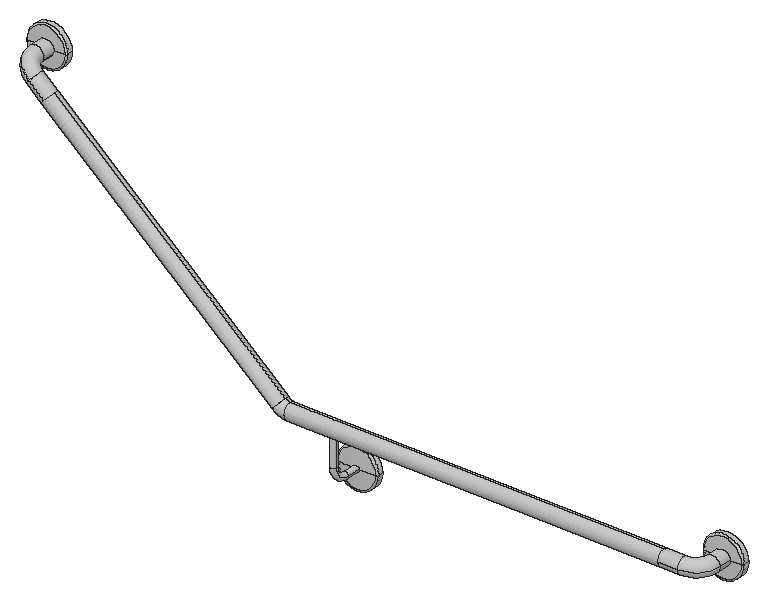
Revit family "rba-bim-rba4040-810", category Plumbing Fixtures, Revit 2016
Family settings
  Part Type = Normal
  Round Connector Dimension = Use Diameter
  Work Plane-Based = No
  Always vertical = Yes
  Cut with Voids When Loaded = No
  Shared = No
  Room Calculation Point = No
Parameters (values of type "RBA4040-810")
  Watermarked By = "www.rba.com.au"
  URL = "http://www.rba.com.au/accessible-disabled/grab-rails"
  Phone Number = "1300 788 778"
  OFFSET = 800.00 mm
  Modified Issue = "20190802.01"
  Model = "RBA4040-810"
  Materials and Finishes = Stainless Steel Satin Finish
  Manufacturer Model = "B819487"
  Manufacturer = "Bobrick"
  Description = "40° Angled Grab Rail"
  Copyrighted by = "RBA Group"  # constant formula
  Assembly Code = ""
Reference planes
  plane 1 "Center (Front/Back)": y = 0
  plane 2: z = 0
  plane 3: x = 40.5
  plane 4: z = 800
  plane 5: z = 784
  plane 6: x = 1426.728
  plane 7: through (97.392, -4572, 1186.213) normal (0.6428, 0, 0.766)
  plane 8: x = 576.731
  plane 9: through (471.74, -4572, 658.876) normal (-0.766, 0, 0.6428)
  plane 10: through (13.824, -4572, 1202.16) normal (-0.766, 0, 0.6428)
  plane 11: y = -89
  plane 12: y = -57
  plane 13: z = 684
  plane 14: z = 1233.951
  plane 15: through (-2.724, 25.441, 601.01) normal (0.515, 0, 0.8572)
  plane 16: through (112.72, 25.441, 450.323) normal (-0.8572, 0, 0.515)
  plane 17: through (65.575, 25.441, 478.65) normal (-0.8572, 0, 0.515)
  plane 18: through (633.507, 25.441, 51.059) normal (0.515, 0, 0.8572)
  plane 19: through (748.951, 25.441, -99.629) normal (-0.8572, 0, 0.515)
  plane 20: through (701.806, 25.441, -71.301) normal (-0.8572, 0, 0.515)
  plane 21: through (1383.507, 25.441, 151.059) normal (0.515, 0, 0.8572)
  plane 22: through (1498.951, 25.441, 0.371) normal (-0.8572, 0, 0.515)
  plane 23: through (1451.806, 25.441, 28.699) normal (-0.8572, 0, 0.515)
  plane 24: y = -67
Forms (mm)
  Sweep 1, solid, material "Stainless Steel Satin Finish" <- "Materials and Finishes"
    path origin (81, -73, 397.941) x (-1, 0, 0) y (0, 0, -1)
      loop
        line (-1273.19, -386.059) -> (-507.378, -386.059)
        arc (-507.378, -386.059) -> (-496.434, -387.989) -> (-486.809, -393.546) r 32
        line (-486.809, -393.546) -> (-15.07, -789.382)
    profile origin (971.284, -73, 784) x (0, 0, -1) y (0, -1, 0)
      loop
        circle (0, 0) r 16
  Extrusion 2, solid, material "Stainless Steel Satin Finish" <- "Materials and Finishes"
    sketch origin (-22, -2.628, 918.044) x (0, 0, 1) y (1, 0, 0)
      loop
        circle (315.907, 62.5) r 40
    from -0.206 to 2.628
  Revolve 3, solid, material "Stainless Steel Satin Finish" <- "Materials and Finishes"
    sketch origin (-22, 18.663, 1233.951) x (-1, 0, 0) y (0, -1, 0)
      loop
        line (-62.5, 18.663) -> (-62.5, 33.781)
        arc (-62.5, 33.781) -> (-81.892, 33.334) -> (-101.243, 31.992) r 420.249
        arc (-101.243, 31.992) -> (-103.207, 31.014) -> (-104, 28.968) r 3.037
        line (-104, 28.968) -> (-104, 18.663) -> (-62.5, 18.663)
      axis (-62.5, 18.663) -> (-62.5, 33.781)
    angle from 0 to 360
  Extrusion 4, void
    sketch origin (-22.204, 34.941, 963.166) x (0.515038, 0, 0.857167) y (0.857167, 0, -0.515038)
      loop
        circle (290.148, -101.118) r 4.73
      loop
        circle (238.718, -70.216) r 4.73
      loop
        spline (289.65, -116.743) -> (288.097, -114.602) -> (286.273, -112.844) -> (284.294, -111.582) -> (282.285, -110.895) -> (280.373, -110.828) -> (278.681, -111.384) -> (277.316, -112.528) -> (276.363, -114.187) -> (275.884, -116.257) -> (275.909, -118.606) -> (276.436, -121.084) -> (277.432, -123.535)
        arc (277.432, -123.535) -> (283.84, -120.677) -> (289.65, -116.743) r 40
      loop
        spline (278.7, -48.359) -> (277.639, -50.765) -> (277.043, -53.209) -> (276.948, -55.539) -> (277.36, -57.607) -> (278.255, -59.285) -> (279.575, -60.466) -> (281.238, -61.077) -> (283.139, -61.08) -> (285.16, -60.473) -> (287.172, -59.296) -> (289.05, -57.621) -> (290.676, -55.555)
        arc (290.676, -55.555) -> (285.005, -51.43) -> (278.7, -48.359) r 40
      loop
        spline (224.895, -91.968) -> (227.527, -91.697) -> (229.962, -90.998) -> (232.048, -89.918) -> (233.65, -88.523) -> (234.668, -86.903) -> (235.037, -85.16) -> (234.734, -83.405) -> (233.777, -81.749) -> (232.228, -80.298) -> (230.184, -79.143) -> (227.776, -78.357) -> (225.156, -77.992)
        arc (225.156, -77.992) -> (224.41, -84.968) -> (224.895, -91.968) r 40
    from -37.775 to -34.941
  Extrusion 5, void
    sketch origin (40.5, 0, 1233.951) x (-1, 0, 0) y (0, -1, 0)
      loop
        line (-26.51, 2.834) -> (-36.201, 5.061) -> (-38.428, 2.834) -> (-26.51, 2.834)
    from -1.5 to 1.5
  Extrusion 6, void
    sketch origin (40.5, 0, 1233.951) x (0.498523, 0, -0.866876) y (0, -1, 0)
      loop
        line (-26.51, 2.834) -> (-36.201, 5.061) -> (-38.428, 2.834) -> (-26.51, 2.834)
    from -1.5 to 1.5
  Extrusion 7, void
    sketch origin (40.5, 0, 1233.951) x (0.499289, 0, 0.866436) y (0, -1, 0)
      loop
        line (-26.51, 2.834) -> (-36.201, 5.061) -> (-38.428, 2.834) -> (-26.51, 2.834)
    from -1.5 to 1.5
  Extrusion 8, solid, material "Stainless Steel Satin Finish" <- "Materials and Finishes"
    sketch origin (614.231, -2.628, 368.093) x (0, 0, 1) y (1, 0, 0)
      loop
        circle (315.907, 62.5) r 40
    from -0.206 to 2.628
  Revolve 9, solid, material "Stainless Steel Satin Finish" <- "Materials and Finishes"
    sketch origin (614.231, 18.663, 684) x (-1, 0, 0) y (0, -1, 0)
      loop
        line (-62.5, 18.663) -> (-62.5, 33.781)
        arc (-62.5, 33.781) -> (-81.892, 33.334) -> (-101.243, 31.992) r 420.249
        arc (-101.243, 31.992) -> (-103.207, 31.014) -> (-104, 28.968) r 3.037
        line (-104, 28.968) -> (-104, 18.663) -> (-62.5, 18.663)
      axis (-62.5, 18.663) -> (-62.5, 33.781)
    angle from 0 to 360
  Extrusion 10, void
    sketch origin (614.027, 34.941, 413.215) x (0.515038, 0, 0.857167) y (0.857167, 0, -0.515038)
      loop
        circle (290.148, -101.118) r 4.73
      loop
        circle (238.718, -70.216) r 4.73
      loop
        spline (289.65, -116.743) -> (288.097, -114.602) -> (286.273, -112.844) -> (284.294, -111.582) -> (282.285, -110.895) -> (280.373, -110.828) -> (278.681, -111.384) -> (277.316, -112.528) -> (276.363, -114.187) -> (275.884, -116.257) -> (275.909, -118.606) -> (276.436, -121.084) -> (277.432, -123.535)
        arc (277.432, -123.535) -> (283.84, -120.677) -> (289.65, -116.743) r 40
      loop
        spline (278.7, -48.359) -> (277.639, -50.765) -> (277.043, -53.209) -> (276.948, -55.539) -> (277.36, -57.607) -> (278.255, -59.285) -> (279.575, -60.466) -> (281.238, -61.077) -> (283.139, -61.08) -> (285.16, -60.473) -> (287.172, -59.296) -> (289.05, -57.621) -> (290.676, -55.555)
        arc (290.676, -55.555) -> (285.005, -51.43) -> (278.7, -48.359) r 40
      loop
        spline (224.895, -91.968) -> (227.527, -91.697) -> (229.962, -90.998) -> (232.048, -89.918) -> (233.65, -88.523) -> (234.668, -86.903) -> (235.037, -85.16) -> (234.734, -83.405) -> (233.777, -81.749) -> (232.228, -80.298) -> (230.184, -79.143) -> (227.776, -78.357) -> (225.156, -77.992)
        arc (225.156, -77.992) -> (224.41, -84.968) -> (224.895, -91.968) r 40
    from -37.775 to -34.941
  Extrusion 11, void
    sketch origin (676.731, 0, 684) x (-1, 0, 0) y (0, -1, 0)
      loop
        line (-26.51, 2.834) -> (-36.201, 5.061) -> (-38.428, 2.834) -> (-26.51, 2.834)
    from -1.5 to 1.5
  Extrusion 12, void
    sketch origin (676.731, 0, 684) x (0.498523, 0, -0.866876) y (0, -1, 0)
      loop
        line (-26.51, 2.834) -> (-36.201, 5.061) -> (-38.428, 2.834) -> (-26.51, 2.834)
    from -1.5 to 1.5
  Extrusion 13, solid, material "Stainless Steel Satin Finish" <- "Materials and Finishes"
    sketch origin (1364.231, -2.628, 468.093) x (0, 0, 1) y (1, 0, 0)
      loop
        circle (315.907, 62.5) r 40
    from -0.206 to 2.628
  Revolve 14, solid, material "Stainless Steel Satin Finish" <- "Materials and Finishes"
    sketch origin (1364.231, 18.663, 784) x (-1, 0, 0) y (0, -1, 0)
      loop
        line (-62.5, 18.663) -> (-62.5, 33.781)
        arc (-62.5, 33.781) -> (-81.892, 33.334) -> (-101.243, 31.992) r 420.249
        arc (-101.243, 31.992) -> (-103.207, 31.014) -> (-104, 28.968) r 3.037
        line (-104, 28.968) -> (-104, 18.663) -> (-62.5, 18.663)
      axis (-62.5, 18.663) -> (-62.5, 33.781)
    angle from 0 to 360
  Extrusion 15, void
    sketch origin (1364.027, 34.941, 513.215) x (0.515038, 0, 0.857167) y (0.857167, 0, -0.515038)
      loop
        circle (290.148, -101.118) r 4.73
      loop
        circle (238.718, -70.216) r 4.73
      loop
        spline (289.65, -116.743) -> (288.097, -114.602) -> (286.273, -112.844) -> (284.294, -111.582) -> (282.285, -110.895) -> (280.373, -110.828) -> (278.681, -111.384) -> (277.316, -112.528) -> (276.363, -114.187) -> (275.884, -116.257) -> (275.909, -118.606) -> (276.436, -121.084) -> (277.432, -123.535)
        arc (277.432, -123.535) -> (283.84, -120.677) -> (289.65, -116.743) r 40
      loop
        spline (278.7, -48.359) -> (277.639, -50.765) -> (277.043, -53.209) -> (276.948, -55.539) -> (277.36, -57.607) -> (278.255, -59.285) -> (279.575, -60.466) -> (281.238, -61.077) -> (283.139, -61.08) -> (285.16, -60.473) -> (287.172, -59.296) -> (289.05, -57.621) -> (290.676, -55.555)
        arc (290.676, -55.555) -> (285.005, -51.43) -> (278.7, -48.359) r 40
      loop
        spline (224.895, -91.968) -> (227.527, -91.697) -> (229.962, -90.998) -> (232.048, -89.918) -> (233.65, -88.523) -> (234.668, -86.903) -> (235.037, -85.16) -> (234.734, -83.405) -> (233.777, -81.749) -> (232.228, -80.298) -> (230.184, -79.143) -> (227.776, -78.357) -> (225.156, -77.992)
        arc (225.156, -77.992) -> (224.41, -84.968) -> (224.895, -91.968) r 40
    from -37.775 to -34.941
  Extrusion 16, void
    sketch origin (1426.731, 0, 784) x (-1, 0, 0) y (0, -1, 0)
      loop
        line (-26.51, 2.834) -> (-36.201, 5.061) -> (-38.428, 2.834) -> (-26.51, 2.834)
    from -1.5 to 1.5
  Extrusion 17, void
    sketch origin (1426.731, 0, 784) x (0.498523, 0, -0.866876) y (0, -1, 0)
      loop
        line (-26.51, 2.834) -> (-36.201, 5.061) -> (-38.428, 2.834) -> (-26.51, 2.834)
    from -1.5 to 1.5
  Extrusion 18, void
    sketch origin (1426.731, 0, 784) x (0.499289, 0, 0.866436) y (0, -1, 0)
      loop
        line (-26.51, 2.834) -> (-36.201, 5.061) -> (-38.428, 2.834) -> (-26.51, 2.834)
    from -1.5 to 1.5
  Extrusion 19, void
    sketch origin (676.731, 0, 684) x (0.499289, 0, 0.866436) y (0, -1, 0)
      loop
        line (-26.51, 2.834) -> (-36.201, 5.061) -> (-38.428, 2.834) -> (-26.51, 2.834)
    from -1.5 to 1.5
  Sweep 20, solid, material "Stainless Steel Satin Finish" <- "Materials and Finishes"
    path origin (971.284, -73, 784) x (0, 0, -1) y (0, -1, 0)
      loop
        line (10, 0) -> (70, 0)
        arc (70, 0) -> (91.213, -8.787) -> (100, -30) r 30
        line (100, -30) -> (100, -60.166)
    profile origin (971.284, -73, 744) x (-1, 0, 0) y (0, -1, 0)
      loop
        circle (294.553, 0) r 6
  Sweep 21, solid, material "Stainless Steel Satin Finish" <- "Materials and Finishes"
    path origin (71.525, 0, 1207.918) x (-0.766044, 0, 0.642788) y (0, -1, 0)
      loop
        line (40.5, 10) -> (40.5, 41)
        arc (40.5, 41) -> (31.127, 63.627) -> (8.5, 73) r 32
        line (8.5, 73) -> (-32.041, 73)
    profile origin (40.5, -25.5, 1233.951) x (0.766044, 0, -0.642788) y (0.642788, 0, 0.766044)
      loop
        circle (0, 0) r 16
  Sweep 22, solid, material "Stainless Steel Satin Finish" <- "Materials and Finishes"
    path origin (1386.231, 0, 784) x (1, 0, 0) y (0, 1, 0)
      loop
        line (40.5, -10) -> (40.5, -41)
        arc (40.5, -41) -> (31.127, -63.627) -> (8.5, -73) r 32
        line (8.5, -73) -> (-32.041, -73)
    profile origin (1426.731, -25.5, 784) x (1, 0, 0) y (0, 0, 1)
      loop
        circle (0, 0) r 16
Cuts and joins
  Extrusion 4 cuts Extrusion 2
  Extrusion 10 cuts Extrusion 8
  Extrusion 15 cuts Extrusion 13
  Extrusion 4, Extrusion 5, Extrusion 6, Extrusion 7 cuts Revolve 3
  Extrusion 10, Extrusion 11, Extrusion 12, Extrusion 19 cuts Revolve 9
  Extrusion 15, Extrusion 16, Extrusion 17, Extrusion 18 cuts Revolve 14
  joined: Sweep 1, Revolve 3, Revolve 9, Revolve 14, Sweep 20, Sweep 21, Sweep 22
Dimensions and locks
  "OFFSET": plane 4 to plane 2
  plane 16 to plane 17 = 55.00 mm
  plane 19 to plane 20 = 55.00 mm
  plane 22 to plane 23 = 55.00 mm
  aligned and locked: Revolve 3 to Extrusion 2
  aligned and locked: Extrusion 2 to Extrusion 4
  aligned and locked: Revolve 9 to Extrusion 8
  aligned and locked: Extrusion 8 to Extrusion 10
  aligned and locked: Revolve 14 to Extrusion 13
  aligned and locked: Extrusion 13 to Extrusion 15
Automatic sketch dimensions
  Sweep 1 sketch curve to plane 8 = 11.647 mm
  Sweep 1 sketch curve to Sweep 1 sketch curve = 20.569 mm
  level to Sweep 1 sketch curve = 816.00 mm
  Sweep 1 sketch curve to Sweep 1 sketch curve = 24.513 mm
  plane 6 to Sweep 1 sketch curve = 72.538 mm
  plane 3 to Sweep 1 sketch curve = 55.57 mm
  plane 13 to Sweep 1 sketch curve = 503.323 mm
  Sweep 1 sketch curve to profile plane = 0.00 mm  (x2)
  plane 13 to Extrusion 2 sketch curve = 549.951 mm
  plane 3 to Extrusion 2 sketch curve = 0.00 mm
  plane 1 "Center (Front/Back)" to Revolve 3 sketch curve = 0.00 mm
  plane 3 to Revolve 3 sketch curve = 41.50 mm
  Revolve 3 sketch curve to Revolve 3 sketch curve = 3.037 mm
  Revolve 3 sketch curve to Revolve 3 sketch curve = 38.463 mm
  Revolve 3 sketch curve to plane 1 "Center (Front/Back)" = 405.131 mm
  plane 1 "Center (Front/Back)" to Revolve 3 sketch curve = 10.305 mm
  Revolve 3 sketch curve to Revolve 3 sketch curve = 15.118 mm
  Revolve 3 sketch curve to Revolve 3 sketch curve = 0.00 mm  (x2)
  Revolve 3 sketch curve to plane 1 "Center (Front/Back)" = 21.537 mm
  Revolve 3 sketch curve to plane 12 = 13.537 mm
  Extrusion 4 sketch curve to Extrusion 4 sketch curve = 0.00 mm  (x6)
  Extrusion 4 sketch curve to plane 15 = 539.113 mm
  Extrusion 4 sketch curve to Extrusion 4 sketch curve = 25.685 mm
  Extrusion 4 sketch curve to Extrusion 4 sketch curve = 25.745 mm
  Extrusion 4 sketch curve to plane 17 = 425.904 mm
  Extrusion 4 sketch curve to Extrusion 4 sketch curve = 15.402 mm
  Extrusion 4 sketch curve to Extrusion 4 sketch curve = 15.501 mm
  Extrusion 4 sketch curve to Extrusion 4 sketch curve = 13.562 mm
  Extrusion 4 sketch curve to Extrusion 4 sketch curve = 0.262 mm
  Extrusion 4 sketch curve to Extrusion 4 sketch curve = 0.456 mm
  Extrusion 4 sketch curve to Extrusion 4 sketch curve = 10.598 mm
  Extrusion 4 sketch curve to Extrusion 4 sketch curve = 12.716 mm
  Extrusion 4 sketch curve to Extrusion 4 sketch curve = 14.297 mm
  Extrusion 4 sketch curve to Extrusion 4 sketch curve = 6.393 mm
  Extrusion 4 sketch curve to Extrusion 4 sketch curve = 6.334 mm
  Extrusion 4 sketch curve to Extrusion 4 sketch curve = 5.139 mm
  Extrusion 4 sketch curve to Extrusion 4 sketch curve = 5.824 mm
  Extrusion 4 sketch curve to Extrusion 4 sketch curve = 5.459 mm
  Extrusion 4 sketch curve to Extrusion 4 sketch curve = 5.642 mm
  Extrusion 4 sketch curve to Extrusion 4 sketch curve = 15.625 mm
  Extrusion 4 sketch curve to Extrusion 4 sketch curve = 21.752 mm
  Extrusion 4 sketch curve to Extrusion 4 sketch curve = 30.162 mm
  plane 1 "Center (Front/Back)" to Extrusion 5 sketch curve = 2.834 mm
  plane 3 to Extrusion 5 sketch curve = 38.428 mm
  plane 1 "Center (Front/Back)" to Extrusion 5 sketch curve = 5.061 mm
  Extrusion 5 sketch curve to Extrusion 5 sketch curve = 2.227 mm
  Extrusion 5 sketch curve to Extrusion 5 sketch curve = 9.691 mm
  plane 1 "Center (Front/Back)" to Extrusion 6 sketch curve = 2.834 mm
  plane 1 "Center (Front/Back)" to Extrusion 6 sketch curve = 5.061 mm
  Extrusion 6 sketch curve to Extrusion 6 sketch curve = 2.227 mm
  Extrusion 6 sketch curve to Extrusion 6 sketch curve = 9.691 mm
  plane 1 "Center (Front/Back)" to Extrusion 7 sketch curve = 2.834 mm
  plane 1 "Center (Front/Back)" to Extrusion 7 sketch curve = 5.061 mm
  Extrusion 7 sketch curve to Extrusion 7 sketch curve = 2.227 mm
  Extrusion 7 sketch curve to Extrusion 7 sketch curve = 9.691 mm
  level to Extrusion 8 sketch curve = 684.00 mm
  Extrusion 8 sketch curve to plane 8 = 100.00 mm
  plane 1 "Center (Front/Back)" to Revolve 9 sketch curve = 0.00 mm
  Revolve 9 sketch curve to plane 8 = 141.50 mm
  Revolve 9 sketch curve to Revolve 9 sketch curve = 3.037 mm
  Revolve 9 sketch curve to Revolve 9 sketch curve = 38.463 mm
  Revolve 9 sketch curve to plane 1 "Center (Front/Back)" = 405.131 mm
  plane 1 "Center (Front/Back)" to Revolve 9 sketch curve = 10.305 mm
  Revolve 9 sketch curve to Revolve 9 sketch curve = 15.118 mm
  Revolve 9 sketch curve to Revolve 9 sketch curve = 0.00 mm  (x2)
  Revolve 9 sketch curve to plane 1 "Center (Front/Back)" = 21.537 mm
  Revolve 9 sketch curve to plane 12 = 13.537 mm
  Extrusion 10 sketch curve to Extrusion 10 sketch curve = 0.00 mm  (x6)
  level to Extrusion 10 sketch curve = 684.00 mm  (x2)
  Extrusion 10 sketch curve to plane 18 = 539.113 mm
  Extrusion 10 sketch curve to Extrusion 10 sketch curve = 25.685 mm
  Extrusion 10 sketch curve to Extrusion 10 sketch curve = 25.745 mm
  Extrusion 10 sketch curve to Extrusion 10 sketch curve = 15.402 mm
  Extrusion 10 sketch curve to Extrusion 10 sketch curve = 15.501 mm
  Extrusion 10 sketch curve to Extrusion 10 sketch curve = 13.562 mm
  Extrusion 10 sketch curve to Extrusion 10 sketch curve = 0.262 mm
  Extrusion 10 sketch curve to Extrusion 10 sketch curve = 0.456 mm
  Extrusion 10 sketch curve to Extrusion 10 sketch curve = 10.598 mm
  Extrusion 10 sketch curve to Extrusion 10 sketch curve = 12.716 mm
  Extrusion 10 sketch curve to Extrusion 10 sketch curve = 14.297 mm
  Extrusion 10 sketch curve to Extrusion 10 sketch curve = 6.393 mm
  Extrusion 10 sketch curve to Extrusion 10 sketch curve = 6.334 mm
  Extrusion 10 sketch curve to Extrusion 10 sketch curve = 5.139 mm
  Extrusion 10 sketch curve to Extrusion 10 sketch curve = 5.824 mm
  Extrusion 10 sketch curve to Extrusion 10 sketch curve = 5.459 mm
  Extrusion 10 sketch curve to Extrusion 10 sketch curve = 5.642 mm
  Extrusion 10 sketch curve to Extrusion 10 sketch curve = 21.752 mm
  Extrusion 10 sketch curve to Extrusion 10 sketch curve = 15.625 mm
  plane 1 "Center (Front/Back)" to Extrusion 11 sketch curve = 2.834 mm
  Extrusion 11 sketch curve to plane 8 = 138.428 mm
  plane 1 "Center (Front/Back)" to Extrusion 11 sketch curve = 5.061 mm
  Extrusion 11 sketch curve to Extrusion 11 sketch curve = 2.227 mm
  Extrusion 11 sketch curve to Extrusion 11 sketch curve = 9.691 mm
  plane 1 "Center (Front/Back)" to Extrusion 12 sketch curve = 2.834 mm
  plane 1 "Center (Front/Back)" to Extrusion 12 sketch curve = 5.061 mm
  Extrusion 12 sketch curve to Extrusion 12 sketch curve = 2.227 mm
  Extrusion 12 sketch curve to Extrusion 12 sketch curve = 9.691 mm
  level to Extrusion 13 sketch curve = 784.00 mm
  Extrusion 13 sketch curve to plane 6 = 0.003 mm
  plane 1 "Center (Front/Back)" to Revolve 14 sketch curve = 0.00 mm
  Revolve 14 sketch curve to plane 6 = 41.503 mm
  Revolve 14 sketch curve to Revolve 14 sketch curve = 3.037 mm
  Revolve 14 sketch curve to Revolve 14 sketch curve = 38.463 mm
  Revolve 14 sketch curve to plane 1 "Center (Front/Back)" = 405.131 mm
  plane 1 "Center (Front/Back)" to Revolve 14 sketch curve = 10.305 mm
  Revolve 14 sketch curve to Revolve 14 sketch curve = 15.118 mm
  Revolve 14 sketch curve to Revolve 14 sketch curve = 0.00 mm  (x2)
  Revolve 14 sketch curve to plane 1 "Center (Front/Back)" = 21.537 mm
  Revolve 14 sketch curve to plane 12 = 13.537 mm
  Extrusion 15 sketch curve to Extrusion 15 sketch curve = 0.00 mm  (x6)
  Extrusion 15 sketch curve to plane 21 = 539.113 mm
  Extrusion 15 sketch curve to Extrusion 15 sketch curve = 25.685 mm
  Extrusion 15 sketch curve to Extrusion 15 sketch curve = 25.745 mm
  Extrusion 15 sketch curve to plane 23 = 425.904 mm
  Extrusion 15 sketch curve to Extrusion 15 sketch curve = 15.402 mm
  Extrusion 15 sketch curve to Extrusion 15 sketch curve = 15.501 mm
  Extrusion 15 sketch curve to Extrusion 15 sketch curve = 13.562 mm
  Extrusion 15 sketch curve to Extrusion 15 sketch curve = 0.262 mm
  Extrusion 15 sketch curve to Extrusion 15 sketch curve = 0.456 mm
  Extrusion 15 sketch curve to Extrusion 15 sketch curve = 10.598 mm
  Extrusion 15 sketch curve to Extrusion 15 sketch curve = 12.716 mm
  Extrusion 15 sketch curve to Extrusion 15 sketch curve = 14.297 mm
  Extrusion 15 sketch curve to Extrusion 15 sketch curve = 6.393 mm
  Extrusion 15 sketch curve to Extrusion 15 sketch curve = 6.334 mm
  Extrusion 15 sketch curve to Extrusion 15 sketch curve = 5.139 mm
  Extrusion 15 sketch curve to Extrusion 15 sketch curve = 5.824 mm
  Extrusion 15 sketch curve to Extrusion 15 sketch curve = 5.459 mm
  Extrusion 15 sketch curve to Extrusion 15 sketch curve = 5.642 mm
  Extrusion 15 sketch curve to Extrusion 15 sketch curve = 15.625 mm
  Extrusion 15 sketch curve to Extrusion 15 sketch curve = 21.752 mm
  Extrusion 15 sketch curve to Extrusion 15 sketch curve = 30.162 mm
  plane 1 "Center (Front/Back)" to Extrusion 16 sketch curve = 2.834 mm
  Extrusion 16 sketch curve to plane 6 = 38.431 mm
  plane 1 "Center (Front/Back)" to Extrusion 16 sketch curve = 5.061 mm
  Extrusion 16 sketch curve to Extrusion 16 sketch curve = 2.227 mm
  Extrusion 16 sketch curve to Extrusion 16 sketch curve = 9.691 mm
  plane 1 "Center (Front/Back)" to Extrusion 17 sketch curve = 2.834 mm
  plane 1 "Center (Front/Back)" to Extrusion 17 sketch curve = 5.061 mm
  Extrusion 17 sketch curve to Extrusion 17 sketch curve = 2.227 mm
  Extrusion 17 sketch curve to Extrusion 17 sketch curve = 9.691 mm
  plane 1 "Center (Front/Back)" to Extrusion 18 sketch curve = 2.834 mm
  plane 1 "Center (Front/Back)" to Extrusion 18 sketch curve = 5.061 mm
  Extrusion 18 sketch curve to Extrusion 18 sketch curve = 2.227 mm
  Extrusion 18 sketch curve to Extrusion 18 sketch curve = 9.691 mm
  plane 1 "Center (Front/Back)" to Extrusion 19 sketch curve = 2.834 mm
  plane 1 "Center (Front/Back)" to Extrusion 19 sketch curve = 5.061 mm
  Extrusion 19 sketch curve to Extrusion 19 sketch curve = 2.227 mm
  Extrusion 19 sketch curve to Extrusion 19 sketch curve = 9.691 mm
  Sweep 20 sketch curve to profile plane = 0.00 mm
  profile plane to Sweep 20 sketch curve = 294.553 mm
  Sweep 21 sketch curve to plane 11 = 16.00 mm
  plane 9 to Sweep 21 sketch curve = 668.00 mm
  Sweep 21 sketch curve to plane 12 = 16.00 mm
  Sweep 21 sketch curve to Sweep 21 sketch curve = 40.541 mm
  plane 1 "Center (Front/Back)" to Sweep 21 sketch curve = 10.00 mm
  profile plane to Sweep 21 sketch curve = 0.00 mm
  Sweep 21 sketch curve to profile plane = 0.00 mm
  Sweep 22 sketch curve to plane 11 = 16.00 mm
  plane 6 to Sweep 22 sketch curve = 31.997 mm
  Sweep 22 sketch curve to plane 12 = 16.00 mm
  plane 6 to Sweep 22 sketch curve = 72.538 mm
  plane 1 "Center (Front/Back)" to Sweep 22 sketch curve = 10.00 mm
  profile plane to Sweep 22 sketch curve = 0.00 mm
  Sweep 22 sketch curve to profile plane = 0.00 mm
  Sweep 20 sketch curve to plane 13 = 0.00 mm
  Sweep 20 sketch curve to plane 24 = 6.00 mm
  plane 13 to Sweep 20 sketch curve = 30.00 mm
  plane 5 to Sweep 20 sketch curve = 10.00 mm
  plane 1 "Center (Front/Back)" to Sweep 20 sketch curve = 12.834 mm
  radius of Sweep 1 sketch curve = 16.00 mm
  radius of Extrusion 2 sketch curve = 40.00 mm
  radius of Extrusion 4 sketch curve = 4.73 mm  (x2)
  radius of Extrusion 8 sketch curve = 40.00 mm
  radius of Extrusion 10 sketch curve = 4.73 mm  (x2)
  radius of Extrusion 13 sketch curve = 40.00 mm
  radius of Extrusion 15 sketch curve = 4.73 mm  (x2)
  radius of Sweep 20 sketch curve = 6.00 mm
  radius of Sweep 21 sketch curve = 16.00 mm
  radius of Sweep 22 sketch curve = 16.00 mm
